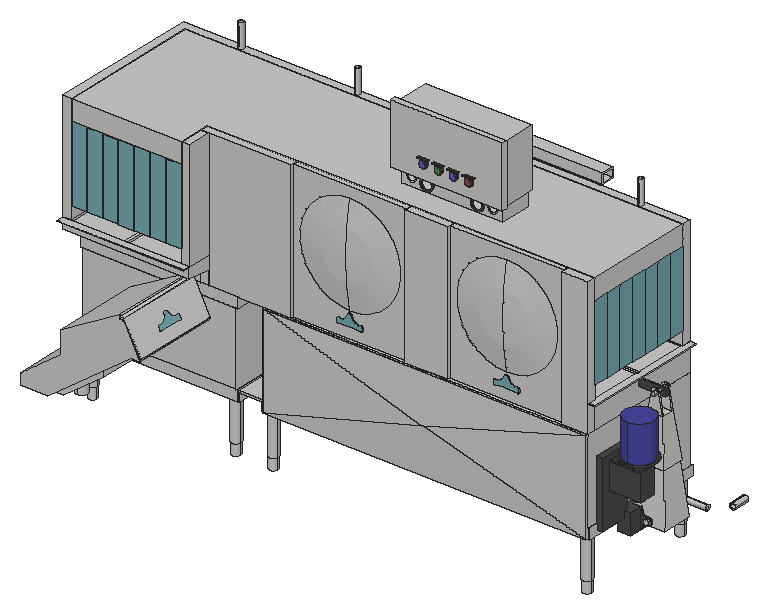
Revit family
Parameters (values of type "208/60/3")
  Width = 8' - 4"
  Weight in Pounds = 1800
  Watts = 25000 W
  Watermarked By = "http://revitwatermark.com"
  Waste Water Discharge Temperature [instance] = -459.67 °F
  Volts = 208 V
  Ventilation Remarks [instance] = ""
  URL Cutsheet = ""
  URL = "www.stero.com"
  Total Height = 5' - 10 1/2"
  Table Height = 2' - 10"
  Swing Doors [instance] = no
  Steam Supply Volume [instance] = 0.00 GPM
  Steam Supply Size = 1"
  Steam Supply RI Height [instance] = 0' - 0"
  Steam Supply Minimum Pressure = 15.00 psi
  Steam Supply Maximum Pressure = 40.00 psi
  Steam Supply Connection Height = 0' - 10"
  Steam Pounds per Hour = 140
  Status [instance] = ""
  Standard Doors [instance] = not(Swing Doors)  # yes
  Specification by User [instance] = ""
  Specification by Manufacturer = ""
  Serial Number [instance] = ""
  Seismic Rating [instance] = ""
  SMACNA No [instance] = ""
  Right Ventilation Remarks [instance] = ""
  Right Vent [instance] = no
  Right Exhaust Volume [instance] = if(Right Vent, 400 CFM, 0 CFM)  # 0 CFM
  Right Exhaust Vent Width = 0' - 3 7/8"
  Right Exhaust Vent Text = "Vent, Unload End"
  Right Exhaust Vent Depth = 2' - 0 7/8"
  Right Exhaust Static Press = 0.00 in-wg
  Right Exhaust RI Height [instance] = 0' - 0"
  Right Exhaust Item Number [instance] = "-"
  Right Drain [instance] = no
  Revision Code [instance] = ""
  Plumbing Remarks [instance] = ""
  Plumbing Connection Type [instance] = ""
  Phase = 3
  Number of Poles [instance] = 1
  No Left Vent [instance] = not(Left Vent)  # yes
  NAFEM Spec ID Number [instance] = ""
  Model = "ER-94SC"
  Mechanical Remarks [instance] = ""
  Mechanical Connection Type [instance] = ""
  Masterspec = ""
  Manufacturer = "Stero"
  Machine Height = 4' - 7 1/2"
  Left Vent [instance] = no
  Left Drain [instance] = not(Right Drain)  # yes
  Item Number [instance] = "-"
  Installed By [instance] = ""
  Indirect Waste Size = 2"
  Indirect Waste Flow [instance] = 0.00 GPM
  Indirect Waste Connection Type [instance] = ""
  Indirect Waste Connection Height = 0' - 6"
  Hot Water Usage Rack = "- Gal/Rack"
  Hot Water Usage = "120.6 GPH"
  Hot Water Temperature = 180 °F
  Hot Water Size = 3/4"
  Hot Water RI Height [instance] = 0' - 0"
  Hot Water Minimum Pressure = 20.00 psi
  Hot Water Maximum Pressure = 20.00 psi
  Hot Water Flow = 2.01 GPM
  Hot Water Consumption = 2.01 GPM
  Hot Water Connection Height = 5' - 0"
  HP = "4.25"
  Furnished By [instance] = ""
  Foodservice Equipment Identifier [instance] = yes
  FL Amps = 83.6 A
  Exhaust Volume [instance] = if(Left Vent, 200 CFM, 0 CFM)  # 0 CFM
  Exhaust Vent Width = 2' - 0 7/8"
  Exhaust Vent Text = "Vent, Load End"
  Exhaust Vent Depth = 0' - 3 7/8"
  Exhaust Static Press = 0.00 in-wg
  Exhaust RI Height [instance] = 0' - 0"
  Electrical Remarks [instance] = ""
  Electric Connection Type [instance] = ""
  Elec Conn RI Height [instance] = 0' - 0"
  Elec Conn Connection Height = 5' - 8 1/2"
  Single Door Opening [instance] = if(Swing Doors, 2' 0", 1' 10 1/2")  # 1' - 10 1/2"
  Description = "Dishwasher, Conveyor"
  Depth = 2' - 1"
  Cycle = 60 Hz
  Conn Conduit = yes
  Condensate Return Size = 3/4"
  Condensate Return RI Height [instance] = 0' - 0"
  Condensate Return Connection Height = 0' - 8"
  Cold Water Temperature Recommended [instance] = -459.67 °F
  Cold Water Size = 3/4"
  Cold Water RI Height [instance] = 0' - 0"
  Cold Water Minimum Pressure [instance] = 0.00 psi
  Cold Water Maximum Pressure [instance] = 0.00 psi
  Cold Water Flow [instance] = 0.00 GPM
  Cold Water Consumption [instance] = ""
  Cold Water Connection Height = 5' - 0"
  CSI MasterFormat = "11 48 13"
  Building Plumbing Remarks [instance] = ""
  Building Hot Water Temperature = 140 °F
  Building Hot Water Size = 3/4"
  Building Hot Water RI Height [instance] = 0' - 0"
  Building Hot Water Minimum Pressure [instance] = 20.00 psi
  Building Hot Water Maximum Pressure [instance] = 20.00 psi
  Building Hot Water Flow [instance] = 0.00 GPM
  Building Hot Water Consumption [instance] = 2.00 GPM
  Building Hot Water Connection Height = 5' - 0"
  Building HW Item Number [instance] = "-"
  Assembly Code = "E1090320"
  Apparent Power = if(Phase = 3, Volts * FL Amps * 1.73, Volts * FL Amps)  # 30082.6 VA
Reference planes (in)
  plane 1: z = 0
  plane 2 "Left of Main Body": x = 2.32772
  plane 3 "BACK": y = -48
  plane 4 "TOP": z = 70.5
  plane 5 "RIGHT": x = 66.32772
  plane 6 "FRONT": y = -73
  plane 7 "Left of Top": x = 2.57772
  plane 8 "Right of Top": x = 66.07772
  plane 9 "Right of Ledge": x = 67.57772
  plane 10 "Right End Cowl": x = 76.32772
  plane 11: x = 69.39022
  plane 12 "Bottom of Machine": z = 10
  plane 13 "Table Height": z = 34
  plane 14 "Top of Machine": z = 55.5
  plane 15 "Panel Top": z = 28.5
  plane 16: z = 12
  plane 17: y = -73.5
  plane 18: y = -47.5
  plane 19: x = 2.07772
  plane 20: x = 66.57772
  plane 21: y = -49.625
  plane 22: y = -71.375
  plane 23 "Door Center": x = 34.32772
  plane 24: x = 7.57772
  plane 25: x = 30.07772
  plane 26 "Top of Opening": z = 51.5
  plane 27: z = 2.25
  plane 28: x = 24.32772
  plane 29: x = 44.32772
  plane 30: x = 23.32772
  plane 31: x = 45.32772
  plane 32 "Front of Lower Panel": y = -66.5
  plane 33: y = -60.5
  plane 34: y = -67
  plane 35 "Back of Panel": y = -60
  plane 36 "Front of Upper Panel": y = -68
  plane 37: x = 23.82772
  plane 38: x = 44.82772
  plane 39: x = 76.20272
  plane 40: x = 73.26522
  plane 41: y = -48.0625
  plane 42: y = -72.9375
  plane 43 "Top of Vents": z = 59.5
  plane 44: x = 19.82772
  plane 45: x = 48.82772
  plane 46: y = -45
  plane 47: z = 57.5
  plane 48: y = -43
  plane 49: z = 84.5
  plane 50: x = 38.57772
  plane 51: x = 61.07772
  plane 52: x = 7.82772
  plane 53: x = 29.95272
  plane 54: x = 28.64022
  plane 55: x = 38.70272
  plane 56: x = 40.01522
  plane 57: x = 60.82772
  plane 58 "LEFT": x = -33.67228
  plane 59: x = -33.64377
  plane 60: y = -77.75746
  plane 61: y = -79.25746
  plane 62: y = -77.94496
  plane 63: y = -80.81996
  plane 64: y = -84.69496
  plane 65: y = -87.75746
  plane 66: y = -87.63246
  plane 67: x = -32.01877
  plane 68: y = -91
  plane 69: x = -23.51877
  plane 70: x = -19.51877
  plane 71: y = -80.00746
  plane 72: x = -28.14377
  plane 73: x = -34.64377
  plane 74 "Drain": y = -51
  plane 75: x = 72.32772
  plane 76: x = 77.32772
  plane 77: z = 8
Forms (in)
  Extrusion 1, solid, material "QF_Finishes_Stainless Steel"
    sketch origin (0, 0, 10) x (0, 1, 0) y (-1, 0, 0)
      loop
        line (-47.5, -2.07772) -> (-73, -2.07772) -> (-73, -66.57772) -> (-47.5, -66.57772) -> (-47.5, -2.07772)
    from 0 to 2
  Extrusion 2, solid, material "QF_Finishes_Stainless Steel"
    sketch origin (0, 0, 28.5) x (0, 1, 0) y (-1, 0, 0)
      loop
        line (-48, -2.32772) -> (-73, -2.32772) -> (-73, -66.32772) -> (-48, -66.32772) -> (-48, -2.32772)
    from 0 to -16.5
  Extrusion 3, solid, material "QF_Finishes_Stainless Steel"
    sketch origin (0, 0, 34) x (0, 1, 0) y (-1, 0, 0)
      loop
        line (-48, -66.32772) -> (-73, -66.32772) -> (-73, -67.57772) -> (-48, -67.57772) -> (-48, -66.32772)
    from 0 to -0.125
  Extrusion 4, solid, material "QF_Finishes_Stainless Steel"
    sketch origin (0, 0, 34) x (0, 1, 0) y (-1, 0, 0)
      loop
        line (-48, 33.67228) -> (-73, 33.67228) -> (-73, 8.64377) -> (-71.375, 8.64377) -> (-71.375, -66.32772) -> (-48, -66.32772) -> (-48, 33.67228)
    from -0.25 to -5.5
  Extrusion 5, solid, material "QF_Finishes_Stainless Steel"
    sketch origin (0, -73, 0) x (-1, 0, 0) y (0, 0, 1)
      loop
        line (10.26877, 55.5) -> (-7.57772, 55.5) -> (-7.57772, 28.5) -> (10.26877, 28.5) -> (10.26877, 55.5)
    from 0 to 1.625
  Blend 6, solid, material "QF_Finishes_Stainless Steel"
    base sketch origin (-15.01335, -74, 48) x (-1, 0, 0) y (0, 0, 1)
      loop
        line (-17.34107, -19.5) -> (-81.34107, -19.5) -> (-81.34107, -38) -> (-17.34107, -38) -> (-17.34107, -19.5)
    top sketch origin (-15.01335, -74, 48) x (-1, 0, 0) y (0, 0, 1)
      loop
        line (-49.37232, -28.71875) -> (-49.37232, -28.78125) -> (-49.30982, -28.78125) -> (-49.30982, -28.71875) -> (-49.37232, -28.71875)
    from 0.5 to 0
  Extrusion 7, solid, material "QF_Finishes_Stainless Steel"
    sketch origin (0, 0, 10) x (0, 1, 0) y (-1, 0, 0)
      loop
        line (-73, -2.32772) -> (-73.5, -2.32772) -> (-73.5, -66.32772) -> (-73, -66.32772) -> (-73, -2.32772)
    from 0 to 18.5
  Extrusion 8, solid, material "QF_Finishes_Stainless Steel"
    sketch origin (0, -73, 0) x (-1, 0, 0) y (0, 0, 1)
      loop
        line (-61.07772, 55.5) -> (-66.32772, 55.5) -> (-66.32772, 28.5) -> (-61.07772, 28.5) -> (-61.07772, 55.5)
    from 0 to 1.625
  Extrusion 9, solid, material "QF_Finishes_Stainless Steel", visible <- "Standard Doors"
    sketch origin (-15.5, 0, 55.5) x (0, 1, 0) y (-1, 0, 0)
      loop
        line (-71.375, -23.07772) -> (-72.5, -23.07772) -> (-72.5, -45.57772) -> (-71.375, -45.57772) -> (-71.375, -23.07772)
    from 0 to -27
  Extrusion 10, solid, material "QF_Finishes_Stainless Steel"
    sketch origin (0, 0, 0) x (1, 0, 0) y (0, 1, 0)
      loop
        circle (3.32772, -49) r 0.8125
    from 0 to 2.25
  Extrusion 11, solid, material "QF_Finishes_Stainless Steel"
    sketch origin (0, 0, 0) x (1, 0, 0) y (0, 1, 0)
      loop
        circle (3.32772, -49) r 0.9375
    from 2.25 to 10
  Extrusion 12, solid, material "QF_Finishes_Stainless Steel"
    sketch origin (48.65544, 0, 0) x (-1, 0, 0) y (0, -1, 0)
      loop
        circle (-16.67228, 49) r 0.8125
    from 0 to 2.25
  Extrusion 13, solid, material "QF_Finishes_Stainless Steel"
    sketch origin (48.65544, 0, 0) x (-1, 0, 0) y (0, -1, 0)
      loop
        circle (-16.67228, 49) r 0.9375
    from 2.25 to 10
  Extrusion 14, solid, material "QF_Finishes_Stainless Steel"
    sketch origin (0, -121, 0) x (1, 0, 0) y (0, 1, 0)
      loop
        circle (3.32772, 49) r 0.8125
    from 0 to 2.25
  Extrusion 15, solid, material "QF_Finishes_Stainless Steel"
    sketch origin (0, -121, 0) x (1, 0, 0) y (0, 1, 0)
      loop
        circle (3.32772, 49) r 0.9375
    from 2.25 to 10
  Extrusion 16, solid, material "QF_Finishes_Stainless Steel"
    sketch origin (48.65544, -121, 0) x (-1, 0, 0) y (0, -1, 0)
      loop
        circle (-16.67228, -49) r 0.8125
    from 0 to 2.25
  Extrusion 17, solid, material "QF_Finishes_Stainless Steel"
    sketch origin (48.65544, -121, 0) x (-1, 0, 0) y (0, -1, 0)
      loop
        circle (-16.67228, -49) r 0.9375
    from 2.25 to 10
  Extrusion 18, solid, material "QF_Finishes_Light Blue"
    sketch origin (0, 0, 51.5) x (0, 1, 0) y (-1, 0, 0)
      loop
        line (-49.625, -66.32772) -> (-49.625, -66.20272) -> (-52.625, -66.20272) -> (-52.625, -66.32772) -> (-49.625, -66.32772)
      loop
        line (-52.75, -66.32772) -> (-52.75, -66.20272) -> (-55.75, -66.20272) -> (-55.75, -66.32772) -> (-52.75, -66.32772)
      loop
        line (-55.875, -66.32772) -> (-55.875, -66.20272) -> (-58.875, -66.20272) -> (-58.875, -66.32772) -> (-55.875, -66.32772)
      loop
        line (-59, -66.32772) -> (-59, -66.20272) -> (-62, -66.20272) -> (-62, -66.32772) -> (-59, -66.32772)
      loop
        line (-62.125, -66.32772) -> (-62.125, -66.20272) -> (-65.125, -66.20272) -> (-65.125, -66.32772) -> (-62.125, -66.32772)
      loop
        line (-65.25, -66.32772) -> (-65.25, -66.20272) -> (-68.25, -66.20272) -> (-68.25, -66.32772) -> (-65.25, -66.32772)
      loop
        line (-68.375, -66.32772) -> (-68.375, -66.20272) -> (-71.375, -66.20272) -> (-71.375, -66.32772) -> (-68.375, -66.32772)
    from 0 to -15
  Extrusion 19, solid, material "QF_Finishes_Stainless Steel"
    sketch origin (0, 0, 55.5) x (0, 1, 0) y (-1, 0, 0)
      loop
        line (-60.5, -24.32772) -> (-66.5, -24.32772) -> (-66.5, -44.32772) -> (-60.5, -44.32772) -> (-60.5, -24.32772)
    from 0 to 3.5
  Extrusion 20, solid, material "QF_Finishes_Stainless Steel"
    sketch origin (0, 0, 55.5) x (0, 1, 0) y (-1, 0, 0)
      loop
        line (-60, -23.82772) -> (-67, -23.82772) -> (-67, -44.82772) -> (-60, -44.82772) -> (-60, -23.82772)
    from 3 to 14.5
  Extrusion 21, solid, material "QF_Finishes_Stainless Steel"
    sketch origin (0, 0, 55.5) x (0, 1, 0) y (-1, 0, 0)
      loop
        line (-67, -23.32772) -> (-68, -23.32772) -> (-68, -45.32772) -> (-67, -45.32772) -> (-67, -23.32772)
    from 3 to 15
  Extrusion 22, solid, material "QF_Finishes_Black"
    sketch origin (0, -66.5, 0) x (-1, 0, 0) y (0, 0, 1)
      loop
        circle (-29.32772, 57) r 1.25
      loop
        circle (-29.32772, 57) r 1
    from 0 to -0.25
  Extrusion 23, solid, material "QF_Finishes_Stainless Steel"
    sketch origin (0, -66.5, 0) x (-1, 0, 0) y (0, 0, 1)
      loop
        circle (-26.32772, 57.25) r 0.75
      loop
        circle (-26.32772, 57.25) r 0.875
    from 0 to -0.125
  Extrusion 24, solid, material "QF_Finishes_White"
    sketch origin (0, -66.5, 0) x (-1, 0, 0) y (0, 0, 1)
      loop
        circle (-26.32772, 57.25) r 0.75
    from 0 to -0.0625
  Extrusion 25, solid, material "QF_Finishes_White"
    sketch origin (0, -66.5, 0) x (-1, 0, 0) y (0, 0, 1)
      loop
        circle (-29.32772, 57) r 1
    from 0 to -0.0625
  Extrusion 26, solid, material "QF_Finishes_Black"
    sketch origin (48.65544, -66.5, 0) x (1, 0, 0) y (0, 0, -1)
      loop
        circle (-9.32772, -57) r 1.25
      loop
        circle (-9.32772, -57) r 1
    from 0 to -0.25
  Extrusion 27, solid, material "QF_Finishes_Stainless Steel"
    sketch origin (48.65544, -66.5, 0) x (1, 0, 0) y (0, 0, -1)
      loop
        circle (-6.32772, -57.25) r 0.75
      loop
        circle (-6.32772, -57.25) r 0.875
    from 0 to -0.125
  Extrusion 28, solid, material "QF_Finishes_White"
    sketch origin (48.65544, -66.5, 0) x (1, 0, 0) y (0, 0, -1)
      loop
        circle (-6.32772, -57.25) r 0.75
    from 0 to -0.0625
  Extrusion 29, solid, material "QF_Finishes_White"
    sketch origin (48.65544, -66.5, 0) x (1, 0, 0) y (0, 0, -1)
      loop
        circle (-9.32772, -57) r 1
    from 0 to -0.0625
  Extrusion 30, solid, material "QF_Finishes_Black"
    sketch origin (0, -68, 0) x (-1, 0, 0) y (0, 0, 1)
      loop
        line (-33.82772, 62.5) -> (-33.82772, 62.25) -> (-31.82772, 62.25) -> (-31.82772, 62.5) -> (-33.82772, 62.5)
      loop
        line (-30.82772, 62.5) -> (-30.82772, 62.25) -> (-28.82772, 62.25) -> (-28.82772, 62.5) -> (-30.82772, 62.5)
      loop
        line (-34.82772, 62.5) -> (-36.82772, 62.5) -> (-36.82772, 62.25) -> (-34.82772, 62.25) -> (-34.82772, 62.5)
      loop
        line (-37.82772, 62.5) -> (-39.82772, 62.5) -> (-39.82772, 62.25) -> (-37.82772, 62.25) -> (-37.82772, 62.5)
    from 0 to -0.5
  Extrusion 31, solid, material "QF_Finishes_Navy Blue"
    sketch origin (0, -68, 0) x (-1, 0, 0) y (0, 0, 1)
      loop
        circle (-29.82772, 61.375) r 0.625
    from -0.125 to -0.375
  Extrusion 32, solid, material "QF_Finishes_LED Green"
    sketch origin (3, -68, 0) x (-1, 0, 0) y (0, 0, 1)
      loop
        circle (-29.82772, 61.375) r 0.625
    from -0.125 to -0.375
  Extrusion 33, solid, material "QF_Finishes_Navy Blue"
    sketch origin (6, -68, 0) x (-1, 0, 0) y (0, 0, 1)
      loop
        circle (-29.82772, 61.375) r 0.625
    from -0.125 to -0.375
  Extrusion 34, solid, material "QF_Finishes_LED Red"
    sketch origin (9, -68, 0) x (-1, 0, 0) y (0, 0, 1)
      loop
        circle (-29.82772, 61.375) r 0.625
    from -0.125 to -0.375
  Extrusion 35, solid, material "QF_Finishes_Black"
    sketch origin (0, -68, 0) x (-1, 0, 0) y (0, 0, 1)
      loop
        arc (-30.57772, 61.375) -> (-29.82772, 60.625) -> (-29.07772, 61.375) r 0.75
        line (-29.07772, 61.375) -> (-29.07772, 62.25) -> (-30.57772, 62.25) -> (-30.57772, 61.375)
      loop
        arc (-33.57772, 61.375) -> (-32.82772, 60.625) -> (-32.07772, 61.375) r 0.75
        line (-32.07772, 61.375) -> (-32.07772, 62.25) -> (-33.57772, 62.25) -> (-33.57772, 61.375)
      loop
        arc (-36.57772, 61.375) -> (-35.82772, 60.625) -> (-35.07772, 61.375) r 0.75
        line (-35.07772, 61.375) -> (-35.07772, 62.25) -> (-36.57772, 62.25) -> (-36.57772, 61.375)
      loop
        arc (-39.57772, 61.375) -> (-38.82772, 60.625) -> (-38.07772, 61.375) r 0.75
        line (-38.07772, 61.375) -> (-38.07772, 62.25) -> (-39.57772, 62.25) -> (-39.57772, 61.375)
    from 0 to -0.125
  Extrusion 36, solid, material "QF_Finishes_Light Blue", visible <- "Standard Doors"
    sketch origin (-15.5, -73, 0) x (-1, 0, 0) y (0, 0, 1)
      loop
        line (-33.71645, 30.65632) -> (-32.08461, 30.57309)
        arc (-32.08461, 30.57309) -> (-31.90443, 30.64773) -> (-31.82979, 30.82792) r 0.25483
        line (-31.82979, 30.82792) -> (-31.82979, 31.31285)
        arc (-31.82979, 31.31285) -> (-31.90343, 31.49062) -> (-32.08121, 31.56426) r 0.25142
        arc (-32.08121, 31.56426) -> (-33.22593, 31.7803) -> (-33.90311, 32.72819) r 1.56264
        arc (-33.90311, 32.72819) -> (-34.31726, 33.06213) -> (-34.74741, 32.74907) r 0.43733
        arc (-34.74741, 32.74907) -> (-35.42049, 31.78611) -> (-36.57423, 31.56426) r 1.56264
        arc (-36.57423, 31.56426) -> (-36.75201, 31.49062) -> (-36.82565, 31.31285) r 0.25142
        line (-36.82565, 31.31285) -> (-36.82565, 30.82792)
        arc (-36.82565, 30.82792) -> (-36.75101, 30.64773) -> (-36.57082, 30.57309) r 0.25483
        line (-36.57082, 30.57309) -> (-34.93898, 30.65632)
        arc (-34.93898, 30.65632) -> (-34.32772, 30.6719) -> (-33.71645, 30.65632) r 12
    from 0.5 to 0.4375
  Extrusion 37, solid, material "QF_Finishes_Stainless Steel", visible <- "Right Vent"
    sketch origin (66.07772, 0, 0) x (0, -1, 0) y (0, 0, 1)
      loop
        line (73, 55.5) -> (48, 55.5) -> (48, 50.5625) -> (49.625, 48.9375) -> (49.625, 49.11428) -> (48.125, 50.61428) -> (48.125, 55.375) -> (72.875, 55.375) -> (72.875, 39.17678) -> (71.375, 37.67678) -> (71.375, 37.5) -> (73, 39.125) -> (73, 55.5)
    from -0.25 to -10.125
  Extrusion 38, solid, material "QF_Finishes_Stainless Steel", visible <- "Right Vent"
    sketch origin (76.32772, 0, 0) x (0, 1, 0) y (0, 0, 1)
      loop
        line (-71.375, 37.5) -> (-71.375, 51.5) -> (-49.625, 51.5) -> (-49.625, 48.9375) -> (-48, 50.5625) -> (-48, 55.5) -> (-73, 55.5) -> (-73, 39.125) -> (-71.375, 37.5)
    from 0 to -0.125
  Extrusion 39, solid, material "QF_Finishes_Stainless Steel", visible <- "Right Vent"
    sketch origin (48.65544, 0, 55.5) x (0, 1, 0) y (-1, 0, 0)
      loop
        line (-48.0625, -24.60978) -> (-48.0625, -20.73478) -> (-72.9375, -20.73478) -> (-72.9375, -24.60978) -> (-48.0625, -24.60978)
      loop
        line (-48.1875, -24.48478) -> (-48.1875, -20.85978) -> (-72.8125, -20.85978) -> (-72.8125, -24.48478) -> (-48.1875, -24.48478)
    from 0 to 4
  Extrusion 40, void
    sketch origin (0, 0, 55.5) x (0, 1, 0) y (-1, 0, 0)
      loop
        line (-48.1875, -69.51522) -> (-72.8125, -69.51522) -> (-72.8125, -73.14022) -> (-48.1875, -73.14022) -> (-48.1875, -69.51522)
    from 0 to -0.125
  Extrusion 41, solid, material "QF_Finishes_Black"
    sketch origin (0, -73, 0) x (-1, 0, 0) y (0, 0, 1)
      loop
        line (-66.57772, 12) -> (-66.32772, 12) -> (-66.32772, 23.9375) -> (-67.70272, 23.9375) -> (-67.70272, 10.9375) -> (-66.57772, 10.9375) -> (-66.57772, 12)
    from 1.8125 to 7.8125
  Extrusion 42, solid, material "QF_Finishes_Black"
    sketch origin (0, 0, 10) x (0, 1, 0) y (-1, 0, 0)
      loop
        line (-66.875, -72.57772) -> (-66.875, -67.95272) -> (-69.5, -67.95272) -> (-69.5, -72.57772)
        arc (-69.5, -72.57772) -> (-68.1875, -71.26522) -> (-66.875, -72.57772) r 1.3125
      loop
        line (-69.75, -74.20272) -> (-66.625, -74.20272) -> (-66.625, -67.70272) -> (-69.75, -67.70272) -> (-69.75, -74.20272)
    from 7.6875 to 12.9375
  Extrusion 43, solid, material "QF_Finishes_Black"
    sketch origin (0.25, 0, 10) x (0, 1, 0) y (-1, 0, 0)
      loop
        circle (-68.1875, -72.32772) r 1.0625
    from 7.1875 to 7.6875
  Extrusion 44, solid, material "QF_Finishes_Black"
    sketch origin (0, 0, 10) x (0, 1, 0) y (-1, 0, 0)
      loop
        circle (-68.1875, -72.57772) r 1.3125
    from 12.9375 to 13.4375
  Blend 45, solid, material "QF_Finishes_Black"
    base sketch origin (0.25, 0, 10) x (0, 1, 0) y (-1, 0, 0)
      loop
        circle (-68.1875, -72.32772) r 1.3125
    top sketch origin (0.25, 0, 10) x (0, 1, 0) y (-1, 0, 0)
      loop
        circle (-68.1875, -72.32772) r 2.0625
    from 13.4375 to 14.4375
  Extrusion 46, solid, material "QF_Finishes_Black"
    sketch origin (0.25, 0, 10) x (0, 1, 0) y (-1, 0, 0)
      loop
        circle (-68.1875, -72.32772) r 3.25
    from 14.4375 to 14.8125
  Extrusion 47, solid, material "QF_Finishes_Blue"
    sketch origin (0.25, 0, 10) x (0, 1, 0) y (-1, 0, 0)
      loop
        circle (-68.1875, -72.32772) r 2.875
    from 14.8125 to 21.9375
  Extrusion 48, solid, material "QF_Finishes_Black"
    sketch origin (0, -73, 0) x (-1, 0, 0) y (0, 0, 1)
      loop
        line (-66.32772, 33.1875) -> (-71.82772, 33.1875) -> (-71.82772, 31.6875) -> (-66.32772, 31.6875) -> (-66.32772, 33.1875)
      loop
        circle (-70.57772, 32.4375) r 0.375
    from 12.3125 to 12.6875
  Extrusion 49, solid, material "QF_Finishes_Black"
    sketch origin (0, -73, 0) x (-1, 0, 0) y (0, 0, 1)
      loop
        line (-66.32772, 12) -> (-66.32772, 12.4375) -> (-69.07772, 12.4375) -> (-69.07772, 8.4375) -> (-66.57772, 8.4375) -> (-66.57772, 12) -> (-66.32772, 12)
    from 7 to 18
  Extrusion 50, solid, material "QF_Finishes_Black"
    sketch origin (0, -73, 0) x (-1, 0, 0) y (0, 0, 1)
      loop
        line (-69.07772, 12.125) -> (-69.32772, 12.125)
        arc (-69.32772, 12.125) -> (-69.5045, 12.05178) -> (-69.57772, 11.875) r 0.25
        line (-69.57772, 11.875) -> (-69.57772, 11.5625)
        arc (-69.57772, 11.5625) -> (-69.68755, 11.29733) -> (-69.95272, 11.1875) r 0.375
        line (-69.95272, 11.1875) -> (-70.57772, 11.1875)
        arc (-70.57772, 11.1875) -> (-71.32772, 10.4375) -> (-70.57772, 9.6875) r 0.75
        line (-70.57772, 9.6875) -> (-69.95272, 9.6875)
        arc (-69.95272, 9.6875) -> (-69.68755, 9.57767) -> (-69.57772, 9.3125) r 0.375
        line (-69.57772, 9.3125) -> (-69.57772, 9)
        arc (-69.57772, 9) -> (-69.5045, 8.82322) -> (-69.32772, 8.75) r 0.25
        line (-69.32772, 8.75) -> (-69.07772, 8.75) -> (-69.07772, 12.125)
      loop
        circle (-70.57772, 10.4375) r 0.5
    from 9.375 to 9.5
  Extrusion 51, solid, material "QF_Finishes_Black"
    sketch origin (0, -66.875, 0) x (-1, 0, 0) y (0, 0, 1)
      loop
        line (-69.07772, 12.125) -> (-69.32772, 12.125)
        arc (-69.32772, 12.125) -> (-69.5045, 12.05178) -> (-69.57772, 11.875) r 0.25
        line (-69.57772, 11.875) -> (-69.57772, 11.5625)
        arc (-69.57772, 11.5625) -> (-69.68755, 11.29733) -> (-69.95272, 11.1875) r 0.375
        line (-69.95272, 11.1875) -> (-70.57772, 11.1875)
        arc (-70.57772, 11.1875) -> (-71.32772, 10.4375) -> (-70.57772, 9.6875) r 0.75
        line (-70.57772, 9.6875) -> (-69.95272, 9.6875)
        arc (-69.95272, 9.6875) -> (-69.68755, 9.57767) -> (-69.57772, 9.3125) r 0.375
        line (-69.57772, 9.3125) -> (-69.57772, 9)
        arc (-69.57772, 9) -> (-69.5045, 8.82322) -> (-69.32772, 8.75) r 0.25
        line (-69.32772, 8.75) -> (-69.07772, 8.75) -> (-69.07772, 12.125)
      loop
        circle (-70.57772, 10.4375) r 0.5
    from 9.375 to 9.5
  Extrusion 52, solid, material "QF_Finishes_Stainless Steel"
    sketch origin (0, -73, 0) x (-1, 0, 0) y (0, 0, 1)
      loop
        circle (-70.57772, 32.4375) r 0.375
      loop
        line (-71.31584, 32.57045) -> (-72.01522, 28.6875) -> (-69.14022, 28.6875) -> (-69.8396, 32.57045)
        arc (-69.8396, 32.57045) -> (-70.57772, 33.1875) -> (-71.31584, 32.57045) r 0.75
    from 11.25 to 11.375
  Extrusion 53, solid, material "QF_Finishes_Stainless Steel"
    sketch origin (0, -48, 0) x (-1, 0, 0) y (0, 0, -1)
      loop
        circle (-70.57772, -32.4375) r 0.375
      loop
        arc (-71.31584, -32.57045) -> (-70.57772, -33.1875) -> (-69.8396, -32.57045) r 0.75
        line (-69.8396, -32.57045) -> (-69.14022, -28.6875) -> (-72.01522, -28.6875) -> (-71.31584, -32.57045)
    from 11.25 to 11.375
  Extrusion 54, solid, material "QF_Finishes_Stainless Steel"
    sketch origin (0, -73, 0) x (-1, 0, 0) y (0, 0, 1)
      loop
        circle (-70.57772, 32.4375) r 0.375
    from 10.75 to 14.25
  Blend 55, solid, material "QF_Finishes_Stainless Steel"
    base sketch origin (0, 0, 34) x (0, 1, 0) y (-1, 0, 0)
      loop
        line (-58.25, -67.89022) -> (-62.75, -67.89022) -> (-62.75, -73.01522) -> (-58.25, -73.01522) -> (-58.25, -67.89022)
    top sketch origin (0, 0, 34) x (0, 1, 0) y (-1, 0, 0)
      loop
        line (-59.25, -69.14022) -> (-61.75, -69.14022) -> (-61.75, -72.01522) -> (-59.25, -72.01522) -> (-59.25, -69.14022)
    from -14.0625 to -5.3125
  Blend 56, solid, material "QF_Finishes_Stainless Steel"
    base sketch origin (0, 0, 25.25) x (0, 1, 0) y (-1, 0, 0)
      loop
        line (-57.5, -67.14022) -> (-63.5, -67.14022) -> (-63.5, -73.76522) -> (-57.5, -73.76522) -> (-57.5, -67.14022)
    top sketch origin (0, 0, 25.25) x (0, 1, 0) y (-1, 0, 0)
      loop
        line (-58.5, -68.14022) -> (-62.5, -68.14022) -> (-62.5, -72.76522) -> (-58.5, -72.76522) -> (-58.5, -68.14022)
    from -15.5625 to -5.3125
  Extrusion 57, solid, material "QF_Finishes_Stainless Steel"
    sketch origin (0, -73, -22) x (-1, 0, 0) y (0, 0, 1)
      loop
        circle (-70.57772, 32.4375) r 0.5
    from 9 to 16
  Extrusion 58, solid, material "QF_Finishes_Stainless Steel"
    sketch origin (0, 0, 55.5) x (0, 1, 0) y (-1, 0, 0)
      loop
        circle (-48.75, -57.32772) r 0.375
      loop
        circle (-48.75, -57.32772) r 0.5
    from 0 to 4.5
  Extrusion 59, solid, material "QF_Finishes_Stainless Steel"
    sketch origin (2.32772, 0, 0) x (0, 1, 0) y (0, 0, 1)
      loop
        line (-45, 57.5) -> (-47.75, 57.5) -> (-47.75, 55.5) -> (-45, 55.5) -> (-45, 57.5)
      loop
        line (-45.125, 57.375) -> (-47.625, 57.375) -> (-47.625, 55.625) -> (-45.125, 55.625) -> (-45.125, 57.375)
    from 17.5 to 46.5
  Extrusion 60, solid, material "QF_Finishes_Stainless Steel"
    sketch origin (2.32772, 0, 0) x (0, 1, 0) y (0, 0, 1)
      loop
        line (-47.75, 55.5) -> (-47.75, 55.625) -> (-48, 55.625) -> (-48, 55.5) -> (-47.75, 55.5)
    from 17.5 to 46.5
  Extrusion 61, solid, material "QF_Finishes_Stainless Steel"
    sketch origin (0, -60, 0) x (-1, 0, 0) y (0, 0, 1)
      loop
        circle (-44.32772, 68.5) r 0.25
    from 0 to 0.0625
  Extrusion 62, solid, material "QF_Finishes_Stainless Steel"
    sketch origin (0, -1, 10) x (0, 1, 0) y (-1, 0, 0)
      loop
        circle (-50, -61.32772) r 1
      loop
        circle (-50, -61.32772) r 1.125
    from 0 to -4
  Extrusion 63, solid, material "QF_Finishes_Clearance", detail levels coarse
    sketch origin (0, 0, 0) x (1, 0, 0) y (0, 1, 0)
      loop
        line (-34.64377, -47.5) -> (19.82772, -47.5) -> (19.82772, -45) -> (48.82772, -45) -> (48.82772, -47.5) -> (67.57772, -47.5) -> (67.57772, -43) -> (-34.64377, -43) -> (-34.64377, -47.5)
    from 0 to 70.5
  Extrusion 64, solid, material "QF_Finishes_Clearance", visible <- "Standard Doors", detail levels coarse
    sketch origin (-15.5, -73, 0) x (-1, 0, 0) y (0, 0, 1)
      loop
        line (-23.07772, 84.5) -> (-45.57772, 84.5) -> (-45.57772, 55.5) -> (-23.07772, 55.5) -> (-23.07772, 84.5)
    from 0 to 1.625
  Extrusion 65, solid, material "QF_Finishes_Clearance", visible <- "Right Vent", detail levels coarse
    sketch origin (0, 0, 0) x (1, 0, 0) y (0, 1, 0)
      loop
        line (67.57772, -43) -> (67.57772, -47.5) -> (76.32772, -47.5) -> (76.32772, -43) -> (67.57772, -43)
    from 0 to 70.5
  Revolve 66, solid, material "QF_Finishes_Stainless Steel", visible <- "Standard Doors"
    sketch origin (18.82772, 0, 0) x (0, 1, 0) y (0, 0, 1)
      loop
        line (-72.5, 43.5) -> (-72.5, 53.5)
        arc (-72.5, 53.5) -> (-73.26244, 48.52624) -> (-73.5, 43.5) r 48
        line (-73.5, 43.5) -> (-72.5, 43.5)
      axis (-72.5, 43.5) -> (-73.5, 43.5)
    angle from 0 to 360
  Extrusion 67, solid, material "QF_Finishes_Stainless Steel", visible <- "Standard Doors"
    sketch origin (14.5, 0, 55.5) x (0, 1, 0) y (-1, 0, 0)
      loop
        line (-71.375, -24.07772) -> (-72.5, -24.07772) -> (-72.5, -46.57772) -> (-71.375, -46.57772) -> (-71.375, -24.07772)
    from 0 to -27
  Extrusion 68, solid, material "QF_Finishes_Clearance", visible <- "Standard Doors", detail levels coarse
    sketch origin (14.5, -73, 0) x (-1, 0, 0) y (0, 0, 1)
      loop
        line (-24.07772, 84.5) -> (-46.57772, 84.5) -> (-46.57772, 55.5) -> (-24.07772, 55.5) -> (-24.07772, 84.5)
    from 0 to 1.625
  Revolve 69, solid, material "QF_Finishes_Stainless Steel", visible <- "Standard Doors"
    sketch origin (49.82772, 0, 0) x (0, 1, 0) y (0, 0, 1)
      loop
        line (-72.5, 43.5) -> (-72.5, 53.5)
        arc (-72.5, 53.5) -> (-73.26244, 48.52624) -> (-73.5, 43.5) r 48
        line (-73.5, 43.5) -> (-72.5, 43.5)
      axis (-72.5, 43.5) -> (-73.5, 43.5)
    angle from 0 to 360
  Extrusion 70, solid, material "QF_Finishes_Stainless Steel"
    sketch origin (-29, -73, 0) x (-1, 0, 0) y (0, 0, 1)
      loop
        line (-59.07772, 55.5) -> (-67.57772, 55.5) -> (-67.57772, 28.5) -> (-59.07772, 28.5) -> (-59.07772, 55.5)
    from 0 to 1.625
  Extrusion 71, solid, material "QF_Finishes_Stainless Steel"
    sketch origin (-44, 0, 55.5) x (0, 1, 0) y (-1, 0, 0)
      loop
        circle (-48.75, -45.35897) r 0.375
      loop
        circle (-48.75, -45.35897) r 0.5
    from 0 to 4.5
  Extrusion 72, solid, material "QF_Finishes_Stainless Steel", visible <- "Right Drain"
    sketch origin (0, -1, 0) x (1, 0, 0) y (0, 1, 0)
      loop
        circle (61.32772, -50) r 1
    from 6 to 6.25
  Extrusion 73, solid, material "QF_Finishes_Light Blue", visible <- "Standard Doors"
    sketch origin (15.5, -73, 0) x (-1, 0, 0) y (0, 0, 1)
      loop
        line (-33.71645, 30.65632) -> (-32.08461, 30.57309)
        arc (-32.08461, 30.57309) -> (-31.90443, 30.64773) -> (-31.82979, 30.82792) r 0.25483
        line (-31.82979, 30.82792) -> (-31.82979, 31.31285)
        arc (-31.82979, 31.31285) -> (-31.90343, 31.49062) -> (-32.08121, 31.56426) r 0.25142
        arc (-32.08121, 31.56426) -> (-33.22593, 31.7803) -> (-33.90311, 32.72819) r 1.56264
        arc (-33.90311, 32.72819) -> (-34.31726, 33.06213) -> (-34.74741, 32.74907) r 0.43733
        arc (-34.74741, 32.74907) -> (-35.42049, 31.78611) -> (-36.57423, 31.56426) r 1.56264
        arc (-36.57423, 31.56426) -> (-36.75201, 31.49062) -> (-36.82565, 31.31285) r 0.25142
        line (-36.82565, 31.31285) -> (-36.82565, 30.82792)
        arc (-36.82565, 30.82792) -> (-36.75101, 30.64773) -> (-36.57082, 30.57309) r 0.25483
        line (-36.57082, 30.57309) -> (-34.93898, 30.65632)
        arc (-34.93898, 30.65632) -> (-34.32772, 30.6719) -> (-33.71645, 30.65632) r 12
    from 0.5 to 0.4375
  Extrusion 74, solid, material "QF_Finishes_Stainless Steel", visible <- "Swing Doors"
    sketch origin (0, 0, 55.5) x (0, 1, 0) y (-1, 0, 0)
      loop
        line (-71.375, -7.82772) -> (-73, -7.82772) -> (-73, -29.95272) -> (-71.375, -29.95272) -> (-71.375, -7.82772)
    from 0 to -27
  Extrusion 75, solid, material "QF_Finishes_Stainless Steel", visible <- "Swing Doors"
    sketch origin (0, 0, 55.5) x (0, 1, 0) y (-1, 0, 0)
      loop
        line (-71.375, -38.70272) -> (-73, -38.70272) -> (-73, -60.82772) -> (-71.375, -60.82772) -> (-71.375, -38.70272)
    from 0 to -27
  Extrusion 76, solid, material "QF_Finishes_Stainless Steel", visible <- "Swing Doors"
    sketch origin (-5.5, 0, 52.4375) x (0, 1, 0) y (-1, 0, 0)
      loop
        circle (-73.25, -13.07772) r 0.25
    from 0 to -3
  Extrusion 77, solid, material "QF_Finishes_Stainless Steel", visible <- "Swing Doors"
    sketch origin (-5.5, 0, 35.8125) x (0, 1, 0) y (-1, 0, 0)
      loop
        circle (-73.25, -13.07772) r 0.25
    from 0 to -3
  Sweep 78, solid, material "QF_Finishes_Stainless Steel", visible <- "Swing Doors"
    path origin (28.64022, -19.02724, 48) x (0, 1, 0) y (0, 0, 1)
      loop
        line (-53.97276, -0.9375) -> (-54.59776, -0.9375)
        arc (-54.59776, -0.9375) -> (-54.95131, -1.08395) -> (-55.09776, -1.4375) r 0.5
        line (-55.09776, -1.4375) -> (-55.09776, -9.6875)
        arc (-55.09776, -9.6875) -> (-54.95131, -10.04105) -> (-54.59776, -10.1875) r 0.5
        line (-54.59776, -10.1875) -> (-53.97276, -10.1875)
    profile origin (28.64022, -73.3125, 47.0625) x (0, 0, -1) y (1, 0, 0)
      loop
        circle (0, 0) r 0.375
  Extrusion 79, solid, material "QF_Finishes_Stainless Steel", visible <- "Swing Doors"
    sketch origin (48, 0, 52.4375) x (0, 1, 0) y (-1, 0, 0)
      loop
        circle (-73.25, -13.07772) r 0.25
    from 0 to -3
  Extrusion 80, solid, material "QF_Finishes_Stainless Steel", visible <- "Swing Doors"
    sketch origin (48, 0, 35.8125) x (0, 1, 0) y (-1, 0, 0)
      loop
        circle (-73.25, -13.07772) r 0.25
    from 0 to -3
  Sweep 81, solid, material "QF_Finishes_Stainless Steel", visible <- "Swing Doors"
    path origin (40.01522, -19.02724, 48) x (0, 1, 0) y (0, 0, 1)
      loop
        line (-53.97276, -0.9375) -> (-54.59776, -0.9375)
        arc (-54.59776, -0.9375) -> (-54.95131, -1.08395) -> (-55.09776, -1.4375) r 0.5
        line (-55.09776, -1.4375) -> (-55.09776, -9.6875)
        arc (-55.09776, -9.6875) -> (-54.95131, -10.04105) -> (-54.59776, -10.1875) r 0.5
        line (-54.59776, -10.1875) -> (-53.97276, -10.1875)
    profile origin (40.01522, -73.3125, 47.0625) x (0, 0, -1) y (1, 0, 0)
      loop
        circle (0, 0) r 0.375
  Extrusion 82, solid, material "QF_Finishes_Stainless Steel"
    sketch origin (0.02851, -0.00746, 34) x (0, 1, 0) y (-1, 0, 0)
      loop
        arc (-60.25, 17.92228) -> (-61.27513, 20.39716) -> (-63.75, 21.42228) r 3.5
        line (-63.75, 21.42228) -> (-77.75, 21.42228) -> (-77.75, 20.92228) -> (-63.75, 20.92228)
        arc (-63.75, 20.92228) -> (-61.62868, 20.0436) -> (-60.75, 17.92228) r 3
        line (-60.75, 17.92228) -> (-60.75, -66.29921) -> (-60.25, -66.29921) -> (-60.25, 17.92228)
      loop
        line (-48, 33.67228) -> (-77.75, 33.67228) -> (-77.75, 32.04728) -> (-49.625, 32.04728) -> (-49.625, -66.29921) -> (-48, -66.29921) -> (-48, 33.67228)
    from 0 to -0.25
  Extrusion 83, solid, material "QF_Finishes_Stainless Steel"
    sketch origin (0.02851, -0.00746, 55.5) x (0, 1, 0) y (-1, 0, 0)
      loop
        line (-49.625, 32.04728) -> (-77.75, 32.04728) -> (-77.75, 10.29728) -> (-71.375, 10.29728) -> (-71.375, -66.29921) -> (-49.625, -66.29921) -> (-49.625, 32.04728)
    from 0 to -4
  Extrusion 84, solid, material "QF_Finishes_Stainless Steel"
    sketch origin (0.02851, -0.00746, 55.5) x (0, 1, 0) y (-1, 0, 0)
      loop
        line (-48, 33.67228) -> (-77.75, 33.67228) -> (-77.75, 32.04728) -> (-49.625, 32.04728) -> (-49.625, -66.29921) -> (-48, -66.29921) -> (-48, 33.67228)
    from 0 to -21.5
  Extrusion 85, solid, material "QF_Finishes_Stainless Steel"
    sketch origin (-81.64377, -80.33518, 34) x (-1, 0, 0) y (0, -1, 0)
      loop
        line (-48, -2.57772) -> (-48, -1.07772) -> (-73, -1.07772) -> (-73, -2.57772) -> (-48, -2.57772)
    from 0 to -0.125
  Extrusion 86, solid, material "QF_Finishes_Stainless Steel", visible <- "Left Vent"
    sketch origin (-81.64377, -77.75746, 0) x (-1, 0, 0) y (0, 0, 1)
      loop
        line (-73, 55.5) -> (-73, 39.125) -> (-71.375, 37.5) -> (-71.375, 37.67678) -> (-72.875, 39.17678) -> (-72.875, 55.375) -> (-48.125, 55.375) -> (-48.125, 50.61428) -> (-49.625, 49.11428) -> (-49.625, 48.9375) -> (-48, 50.5625) -> (-48, 55.5) -> (-73, 55.5)
    from 0 to -9.875
  Extrusion 87, solid, material "QF_Finishes_Stainless Steel", visible <- "Left Vent"
    sketch origin (-81.64377, -87.75746, 0) x (-1, 0, 0) y (0, 0, 1)
      loop
        line (-71.375, 37.5) -> (-71.375, 51.5) -> (-49.625, 51.5) -> (-49.625, 48.9375) -> (-48, 50.5625) -> (-48, 55.5) -> (-73, 55.5) -> (-73, 39.125) -> (-71.375, 37.5)
    from 0 to 0.125
  Extrusion 88, solid, material "QF_Finishes_Stainless Steel", visible <- "Left Vent"
    sketch origin (-81.64377, -80.33518, 55.5) x (-1, 0, 0) y (0, -1, 0)
      loop
        line (-48.0625, 4.35978) -> (-72.9375, 4.35978) -> (-72.9375, 0.48478) -> (-48.0625, 0.48478) -> (-48.0625, 4.35978)
      loop
        line (-48.1875, 4.23478) -> (-72.8125, 4.23478) -> (-72.8125, 0.60978) -> (-48.1875, 0.60978) -> (-48.1875, 4.23478)
    from 0 to 4
  Extrusion 89, solid, material "QF_Finishes_Stainless Steel"
    sketch origin (-49.47149, -0.00746, 10) x (0, 1, 0) y (-1, 0, 0)
      loop
        line (-47.5, -15.45272) -> (-73, -15.45272) -> (-73, -46.57772) -> (-47.5, -46.57772) -> (-47.5, -15.45272)
    from 0 to 2
  Extrusion 90, solid, material "QF_Finishes_Stainless Steel"
    sketch origin (-49.47149, -0.00746, 26.5) x (0, 1, 0) y (-1, 0, 0)
      loop
        line (-47.5, -15.45272) -> (-73, -15.45272) -> (-73, -46.57772) -> (-47.5, -46.57772) -> (-47.5, -15.45272)
    from 0 to 2
  Extrusion 91, solid, material "QF_Finishes_Stainless Steel"
    sketch origin (-52.47149, -0.00746, 28.5) x (0, 1, 0) y (-1, 0, 0)
      loop
        line (-48, -18.82772) -> (-73, -18.82772) -> (-73, -49.20272) -> (-48, -49.20272) -> (-48, -18.82772)
    from -2 to -16.5
  Extrusion 92, solid, material "QF_Finishes_Light Blue"
    sketch origin (-81.64377, -31.42974, 51.5) x (-1, 0, 0) y (0, -1, 0)
      loop
        line (-49.625, 46.32772) -> (-52.625, 46.32772) -> (-52.625, 46.20272) -> (-49.625, 46.20272) -> (-49.625, 46.32772)
      loop
        line (-52.75, 46.32772) -> (-55.75, 46.32772) -> (-55.75, 46.20272) -> (-52.75, 46.20272) -> (-52.75, 46.32772)
      loop
        line (-55.875, 46.32772) -> (-58.875, 46.32772) -> (-58.875, 46.20272) -> (-55.875, 46.20272) -> (-55.875, 46.32772)
      loop
        line (-59, 46.32772) -> (-62, 46.32772) -> (-62, 46.20272) -> (-59, 46.20272) -> (-59, 46.32772)
      loop
        line (-62.125, 46.32772) -> (-65.125, 46.32772) -> (-65.125, 46.20272) -> (-62.125, 46.20272) -> (-62.125, 46.32772)
      loop
        line (-65.25, 46.32772) -> (-68.25, 46.32772) -> (-68.25, 46.20272) -> (-65.25, 46.20272) -> (-65.25, 46.32772)
      loop
        line (-68.375, 46.32772) -> (-71.375, 46.32772) -> (-71.375, 46.20272) -> (-68.375, 46.20272) -> (-68.375, 46.32772)
    from 0 to -15
  Extrusion 93, solid, material "QF_Finishes_Stainless Steel"
    sketch origin (-33.64377, 0, 0) x (0, 1, 0) y (0, 0, 1)
      loop
        line (-73, 33.75) -> (-77.94496, 33.75) -> (-77.94496, 31.875) -> (-73, 31.25) -> (-73, 33.75)
    from 0 to 25
  Extrusion 94, solid, material "QF_Finishes_Stainless Steel"
    sketch origin (0.02851, -0.00746, 55.5) x (0, 1, 0) y (-1, 0, 0)
      loop
        line (-73, 10.29728) -> (-77.75, 10.29728) -> (-77.75, 8.67228) -> (-73, 8.67228) -> (-73, 10.29728)
    from 0 to -21.75
  Extrusion 95, solid, material "QF_Finishes_Stainless Steel"
    sketch origin (-7.34649, -0.00746, 0) x (1, 0, 0) y (0, 1, 0)
      loop
        circle (3.32772, -49) r 0.8125
    from 0 to 2.25
  Extrusion 96, solid, material "QF_Finishes_Stainless Steel"
    sketch origin (-7.34649, -0.00746, 0) x (1, 0, 0) y (0, 1, 0)
      loop
        circle (3.32772, -49) r 0.9375
    from 2.25 to 10
  Extrusion 97, solid, material "QF_Finishes_Stainless Steel"
    sketch origin (-7.34649, -121.00746, 0) x (1, 0, 0) y (0, 1, 0)
      loop
        circle (3.32772, 49) r 0.8125
    from 0 to 2.25
  Extrusion 98, solid, material "QF_Finishes_Stainless Steel"
    sketch origin (-7.34649, -121.00746, 0) x (1, 0, 0) y (0, 1, 0)
      loop
        circle (3.32772, 49) r 0.9375
    from 2.25 to 10
  Extrusion 99, solid, material "QF_Finishes_Stainless Steel"
    sketch origin (-35.72149, -0.00746, 0) x (1, 0, 0) y (0, 1, 0)
      loop
        circle (3.32772, -49) r 0.8125
    from 0 to 2.25
  Extrusion 100, solid, material "QF_Finishes_Stainless Steel"
    sketch origin (-35.72149, -0.00746, 0) x (1, 0, 0) y (0, 1, 0)
      loop
        circle (3.32772, -49) r 0.9375
    from 2.25 to 10
  Extrusion 101, solid, material "QF_Finishes_Stainless Steel"
    sketch origin (-35.72149, -121.00746, 0) x (1, 0, 0) y (0, 1, 0)
      loop
        circle (3.32772, 49) r 0.8125
    from 0 to 2.25
  Extrusion 102, solid, material "QF_Finishes_Stainless Steel"
    sketch origin (-35.72149, -121.00746, 0) x (1, 0, 0) y (0, 1, 0)
      loop
        circle (3.32772, 49) r 0.9375
    from 2.25 to 10
  Extrusion 103, solid, material "QF_Finishes_Stainless Steel"
    sketch origin (0.02851, -48.00746, 0) x (1, 0, 0) y (0, 0, 1)
      loop
        line (-2.92228, 10) -> (-2.54728, 10) -> (-2.54728, 11.625) -> (1.70272, 11.625) -> (1.70272, 10) -> (2.07772, 10) -> (2.07772, 12) -> (-2.92228, 12) -> (-2.92228, 10)
    from 0 to 25
  Extrusion 104, solid, material "QF_Finishes_Stainless Steel"
    sketch origin (0.02851, -73.00746, 0) x (-1, 0, 0) y (0, 0, 1)
      loop
        line (23.54728, 23.25) -> (19.54728, 23.25) -> (19.54728, 19.25) -> (23.54728, 19.25) -> (23.54728, 23.25)
    from 0 to -0.8125
  Extrusion 105, solid, material "QF_Finishes_Stainless Steel"
    sketch origin (0.02851, -73.00746, 0) x (-1, 0, 0) y (0, 0, 1)
      loop
        line (31.54728, 10.75) -> (31.54728, 13) -> (23.54728, 19) -> (23.54728, 23.375) -> (12.08306, 29.99387)
        arc (12.08306, 29.99387) -> (11.89556, 29.99387) -> (11.80181, 29.83149) r 0.1875
        line (11.80181, 29.83149) -> (11.80181, 29.46875) -> (10.97958, 29.16948) -> (7.92148, 23.41803)
        arc (7.92148, 23.41803) -> (7.94388, 23.14847) -> (8.19845, 23.05707) r 0.25
        line (8.19845, 23.05707) -> (9.25583, 23.30118)
        arc (9.25583, 23.30118) -> (9.36377, 23.30219) -> (9.46207, 23.25759) r 0.25
        line (9.46207, 23.25759) -> (26.13886, 10.75) -> (31.54728, 10.75)
    from -0.8125 to -17.99254
  Extrusion 106, solid, material "QF_Finishes_Stainless Steel"
    sketch origin (0.02851, -73.00746, 0) x (-1, 0, 0) y (0, 0, 1)
      loop
        line (16.33886, 16.77187) -> (24.36802, 10.75) -> (26.13886, 10.75) -> (16.33886, 18.1) -> (16.33886, 16.77187)
    from -2.3125 to -16.3125
  Extrusion 107, solid, material "QF_Finishes_Stainless Steel"
    sketch origin (0.02851, -73.00746, 0) x (-1, 0, 0) y (0, 0, 1)
      loop
        line (11.89556, 29.99387) -> (11.10762, 29.70708)
        arc (11.10762, 29.70708) -> (11.04873, 29.6724) -> (11.00619, 29.61891) r 0.1875
        line (11.00619, 29.61891) -> (7.75593, 23.50605)
        arc (7.75593, 23.50605) -> (7.78177, 23.42153) -> (7.86629, 23.44737) r 0.0625
        line (7.86629, 23.44737) -> (10.93566, 29.22001) -> (11.73931, 29.51251) -> (11.80181, 29.83149)
        arc (11.80181, 29.83149) -> (11.82693, 29.92524) -> (11.89556, 29.99387) r 0.1875
    from -0.8125 to -17.99254
  Extrusion 108, solid, material "QF_Finishes_Light Blue"
    sketch origin (6.02642, -105.61643, -1.29612) x (0, -1, 0) y (-0.469472, 0, 0.882948)
      loop
        line (-22.69566, 30.65632) -> (-21.06382, 30.57309)
        arc (-21.06382, 30.57309) -> (-20.88363, 30.64773) -> (-20.809, 30.82792) r 0.25483
        line (-20.809, 30.82792) -> (-20.809, 31.31285)
        arc (-20.809, 31.31285) -> (-20.88264, 31.49062) -> (-21.06041, 31.56426) r 0.25142
        arc (-21.06041, 31.56426) -> (-22.20514, 31.7803) -> (-22.88232, 32.72819) r 1.56264
        arc (-22.88232, 32.72819) -> (-23.29647, 33.06213) -> (-23.72662, 32.74907) r 0.43733
        arc (-23.72662, 32.74907) -> (-24.3997, 31.78611) -> (-25.55344, 31.56426) r 1.56264
        arc (-25.55344, 31.56426) -> (-25.73122, 31.49062) -> (-25.80486, 31.31285) r 0.25142
        line (-25.80486, 31.31285) -> (-25.80486, 30.82792)
        arc (-25.80486, 30.82792) -> (-25.73022, 30.64773) -> (-25.55003, 30.57309) r 0.25483
        line (-25.55003, 30.57309) -> (-23.91819, 30.65632)
        arc (-23.91819, 30.65632) -> (-23.30693, 30.6719) -> (-22.69566, 30.65632) r 12
    from 0.5 to 0.4375
  Extrusion 109, solid, material "QF_Finishes_Stainless Steel"
    sketch origin (-46.47149, -30.00746, 10) x (0, 1, 0) y (-1, 0, 0)
      loop
        circle (-50, -18.32772) r 1
      loop
        circle (-50, -18.32772) r 1.125
    from 0 to -4
  Extrusion 110, solid, material "QF_Finishes_Stainless Steel", visible <- "Right Drain"
    sketch origin (-46.47149, -29.00746, 0) x (1, 0, 0) y (0, 1, 0)
      loop
        circle (18.32772, -51) r 1
    from 6 to 6.25
  Extrusion 111, solid, material "QF_Finishes_Stainless Steel"
    sketch origin (0.02851, -48.00746, 0) x (1, 0, 0) y (0, 0, 1)
      loop
        circle (-28.17228, 8.5) r 1
      loop
        circle (-28.17228, 8.5) r 1.125
    from 3 to 32.05553
  Extrusion 112, solid, material "QF_Finishes_Stainless Steel"
    sketch origin (-33.64377, 0, 0) x (0, 1, 0) y (0, 0, 1)
      loop
        circle (-51, 8.5) r 1
      loop
        circle (-51, 8.5) r 1.125
    from 3 to 95.12629
  Extrusion 113, solid, material "QF_Finishes_Stainless Steel"
    sketch origin (-33.64377, 0, 0) x (0, 1, 0) y (0, 0, 1)
      loop
        circle (-51, 8.5) r 1.125
    from 2.75 to 3
  Extrusion 114, solid, material "QF_Finishes_Clearance", detail levels coarse
    sketch origin (0.02851, -0.00746, 0) x (1, 0, 0) y (0, 1, 0)
      loop
        line (-34.67228, -47.5) -> (-34.67228, -77.75) -> (-34.04728, -77.75) -> (-34.04728, -47.5) -> (-34.67228, -47.5)
    from 0 to 70.5
  Extrusion 115, solid, material "QF_Finishes_Clearance", visible <- "Left Vent", detail levels coarse
    sketch origin (0.02851, -10.00746, 0) x (1, 0, 0) y (0, 1, 0)
      loop
        line (-34.67228, -67.75) -> (-34.67228, -77.75) -> (-34.04728, -77.75) -> (-34.04728, -67.75) -> (-34.67228, -67.75)
    from 0 to 70.5
  Extrusion 116, void
    sketch origin (0.02851, -0.00746, 55.5) x (0, 1, 0) y (-1, 0, 0)
      loop
        line (-80.9375, 33.48478) -> (-84.5625, 33.48478) -> (-84.5625, 8.85978) -> (-80.9375, 8.85978) -> (-80.9375, 33.48478)
    from 0 to -0.125
  Extrusion 117, solid, material "QF_Finishes_Black", not visible
    sketch origin (0, -68, 0) x (-1, 0, 0) y (0, 0, 1)
      loop
        line (-33.82772, 62.5) -> (-33.82772, 62.25) -> (-31.82772, 62.25) -> (-31.82772, 62.5) -> (-33.82772, 62.5)
      loop
        line (-30.82772, 62.5) -> (-30.82772, 62.25) -> (-28.82772, 62.25) -> (-28.82772, 62.5) -> (-30.82772, 62.5)
      loop
        line (-34.82772, 62.5) -> (-36.82772, 62.5) -> (-36.82772, 62.25) -> (-34.82772, 62.25) -> (-34.82772, 62.5)
      loop
        line (-37.82772, 62.5) -> (-39.82772, 62.5) -> (-39.82772, 62.25) -> (-37.82772, 62.25) -> (-37.82772, 62.5)
    from 0 to -0.5
  Extrusion 118, solid, material "QF_Finishes_Navy Blue", not visible
    sketch origin (0, -68, 0) x (-1, 0, 0) y (0, 0, 1)
      loop
        circle (-29.82772, 61.375) r 0.625
    from -0.125 to -0.375
  Extrusion 119, solid, material "QF_Finishes_LED Green", not visible
    sketch origin (3, -68, 0) x (-1, 0, 0) y (0, 0, 1)
      loop
        circle (-29.82772, 61.375) r 0.625
    from -0.125 to -0.375
  Extrusion 120, solid, material "QF_Finishes_Navy Blue", not visible
    sketch origin (6, -68, 0) x (-1, 0, 0) y (0, 0, 1)
      loop
        circle (-29.82772, 61.375) r 0.625
    from -0.125 to -0.375
  Extrusion 121, solid, material "QF_Finishes_LED Red", not visible
    sketch origin (9, -68, 0) x (-1, 0, 0) y (0, 0, 1)
      loop
        circle (-29.82772, 61.375) r 0.625
    from -0.125 to -0.375
  Extrusion 122, solid, material "QF_Finishes_Black", not visible
    sketch origin (0, -68, 0) x (-1, 0, 0) y (0, 0, 1)
      loop
        arc (-30.57772, 61.375) -> (-29.82772, 60.625) -> (-29.07772, 61.375) r 0.75
        line (-29.07772, 61.375) -> (-29.07772, 62.25) -> (-30.57772, 62.25) -> (-30.57772, 61.375)
      loop
        arc (-33.57772, 61.375) -> (-32.82772, 60.625) -> (-32.07772, 61.375) r 0.75
        line (-32.07772, 61.375) -> (-32.07772, 62.25) -> (-33.57772, 62.25) -> (-33.57772, 61.375)
      loop
        arc (-36.57772, 61.375) -> (-35.82772, 60.625) -> (-35.07772, 61.375) r 0.75
        line (-35.07772, 61.375) -> (-35.07772, 62.25) -> (-36.57772, 62.25) -> (-36.57772, 61.375)
      loop
        arc (-39.57772, 61.375) -> (-38.82772, 60.625) -> (-38.07772, 61.375) r 0.75
        line (-38.07772, 61.375) -> (-38.07772, 62.25) -> (-39.57772, 62.25) -> (-39.57772, 61.375)
    from 0 to -0.125
  Extrusion 123, solid, material "QF_Finishes_Stainless Steel"
    sketch origin (-67, 0, 55.5) x (0, 1, 0) y (-1, 0, 0)
      loop
        circle (-48.75, -45.35897) r 0.375
      loop
        circle (-48.75, -45.35897) r 0.5
    from 0 to 4.5
  Extrusion 124, solid, material "QF_Finishes_Stainless Steel"
    sketch origin (0, -48, 0) x (1, 0, 0) y (0, 0, 1)
      loop
        circle (77.32772, 10) r 0.5
      loop
        circle (77.32772, 10) r 0.625
    from 0 to 3
  Sweep 125, solid, material "QF_Finishes_Stainless Steel"
    path origin (0, -51, 0) x (-1, 0, 0) y (0, 0, 1)
      loop
        line (-72.32772, 8) -> (-66.32772, 8)
        arc (-66.32772, 8) -> (-65.62061, 8.29289) -> (-65.32772, 9) r 1
        line (-65.32772, 9) -> (-65.32772, 10)
    profile origin (69.32772, -51, 8) x (0, 0, 1) y (0, 1, 0)
      loop
        circle (0, 0) r 0.375
      loop
        circle (0, 0) r 0.5
Cuts and joins
  Extrusion 40 cuts Extrusion 37
  Extrusion 40 cuts Extrusion 39
  Extrusion 116 cuts Extrusion 86
  Extrusion 116 cuts Extrusion 88
Lines and regions (in)
  symbolic lines
    curve 1: line (-33.67228, -48, 10) -> (67.57772, -48, 10)
    curve 2: line (67.57772, -73, 10) -> (-8.67228, -73, 10)
    curve 3: line (66.32772, -48, 10) -> (66.32772, -73, 10)
    curve 7: line (19.82772, -48, 10) -> (19.82772, -45, 10)
    curve 8: line (19.82772, -45, 10) -> (48.82772, -45, 10)
    curve 9: line (48.82772, -45, 10) -> (48.82772, -48, 10)
    curve 10: line (67.57772, -48, 10) -> (67.57772, -73, 10)
    curve 11: line (23.82772, -60, 10) -> (44.82772, -60, 10)
    curve 12: line (23.82772, -67, 10) -> (23.82772, -60, 10)
    curve 13: line (44.82772, -67, 10) -> (23.82772, -67, 10)
    curve 14: line (44.82772, -60, 10) -> (44.82772, -67, 10)
    curve 15: line (44.82772, -67, 10) -> (45.32772, -67, 10)
    curve 16: line (45.32772, -67, 10) -> (45.32772, -68, 10)
    curve 17: line (45.32772, -68, 10) -> (23.32772, -68, 10)
    curve 18: line (23.32772, -68, 10) -> (23.32772, -67, 10)
    curve 19: line (23.32772, -67, 10) -> (23.82772, -67, 10)
    curve 27: line (7.57772, -73, 0) -> (7.57772, -71.375, 0)
    curve 28: line (7.57772, -71.375, 0) -> (30.07772, -71.375, 0)
    curve 29: line (30.07772, -71.375, 0) -> (30.07772, -73, 0)
    curve 31: line (38.57772, -73, 0) -> (38.57772, -71.375, 0)
    curve 32: line (38.57772, -71.375, 0) -> (61.07772, -71.375, 0)
    curve 33: line (61.07772, -71.375, 0) -> (61.07772, -73, 0)
    curve 46: line (-33.64377, -79.25746, 0) -> (-33.64377, -48.00746, 0)
    curve 47: line (-8.64377, -79.25746, 0) -> (-8.64377, -73.00746, 0)
    curve 48: line (-8.64377, -77.75746, 0) -> (-33.64377, -77.75746, 0)
    curve 49: line (-33.64377, -79.25746, 0) -> (-8.64377, -79.25746, 0)
    curve 51: line (-31.51877, -87.75746, 0) -> (-31.51877, -91, 0)
    curve 52: line (-31.51877, -91, 0) -> (-7.7201, -91, 0)
    curve 53: line (-7.7201, -91, 0) -> (-7.7201, -73.81996, 0)
    curve 54: line (-11.86705, -91, 0) -> (-11.86705, -87.75746, 0)
  symbolic lines, visible <- "Right Vent"
    curve 4: line (66.32772, -48, 10) -> (76.32772, -48, 10)
    curve 5: line (76.32772, -48, 10) -> (76.32772, -73, 10)
    curve 6: line (76.32772, -73, 10) -> (66.32772, -73, 10)
    curve 20: line (69.39022, -48.0625, 10) -> (73.26522, -48.0625, 10)
    curve 21: line (69.39022, -72.9375, 10) -> (69.39022, -48.0625, 10)
    curve 22: line (73.26522, -72.9375, 10) -> (69.39022, -72.9375, 10)
    curve 23: line (73.26522, -48.0625, 10) -> (73.26522, -72.9375, 10)
  symbolic lines, style "QF_Clearances", detail levels coarse
    curve 24: line (-34.64377, -43, 0) -> (67.57772, -43, 0)
  symbolic lines, style "QF_Clearances", visible <- "Right Vent", detail levels coarse
    curve 25: line (67.57772, -43, 0) -> (76.32772, -43, 0)
    curve 26: line (76.32772, -43, 0) -> (76.32772, -47.5, 0)
  symbolic lines, visible <- "Standard Doors"
    curve 30: line (30.07772, -72.5, 0) -> (7.57772, -72.5, 0)
    curve 34: line (61.07772, -72.5, 0) -> (38.57772, -72.5, 0)
  symbolic lines, visible <- "Swing Doors"
    curve 35: line (28.26522, -73, 55.5) -> (28.26522, -74.125, 55.5)
    curve 36: line (29.01522, -73, 55.5) -> (29.01522, -74.125, 55.5)
    curve 37: arc (29.01522, -74.125, 55.5) -> (28.64022, -74.5, 55.5) -> (28.26522, -74.125, 55.5) r 0.375
    curve 40: line (40.39022, -73, 55.5) -> (40.39022, -74.125, 55.5)
    curve 41: line (39.64022, -73, 55.5) -> (39.64022, -74.125, 55.5)
    curve 42: arc (39.64022, -74.125, 55.5) -> (40.01522, -74.5, 55.5) -> (40.39022, -74.125, 55.5) r 0.375
  symbolic lines, style "QF_Clearances", visible <- "Swing Doors", detail levels coarse
    curve 38: line (7.57772, -95.5, 55.5) -> (7.57772, -73, 55.5)
    curve 39: arc (7.57772, -95.5, 55.5) -> (23.48762, -88.9099, 55.5) -> (30.07772, -73, 55.5) r 22.5
    curve 43: line (61.07772, -95.5, 55.5) -> (61.07772, -73, 55.5)
    curve 44: arc (61.07772, -95.5, 55.5) -> (45.16782, -88.9099, 55.5) -> (38.57772, -73, 55.5) r 22.5
  symbolic lines, style "QF_Clearances"
    curve 45: line (-34.64377, -43, 0) -> (-34.64377, -77.75746, 0)
  symbolic lines, visible <- "No Left Vent"
    curve 50: line (-31.51877, -80.81996, 0) -> (-31.51877, -87.75746, 0)
    curve 55: line (-11.86705, -87.75746, 0) -> (-11.86705, -80.81996, 0)
  symbolic lines, visible <- "Left Vent"
    curve 56: line (-33.64377, -77.75746, 10) -> (-33.64377, -87.75746, 10)
    curve 57: line (-33.64377, -87.75746, 10) -> (-8.64377, -87.75746, 10)
    curve 58: line (-8.64377, -87.75746, 10) -> (-8.64377, -78.00746, 10)
    curve 59: line (-33.58127, -84.69496, 10) -> (-33.58127, -80.81996, 10)
    curve 60: line (-8.70627, -84.69496, 10) -> (-33.58127, -84.69496, 10)
    curve 61: line (-8.70627, -80.81996, 10) -> (-8.70627, -84.69496, 10)
